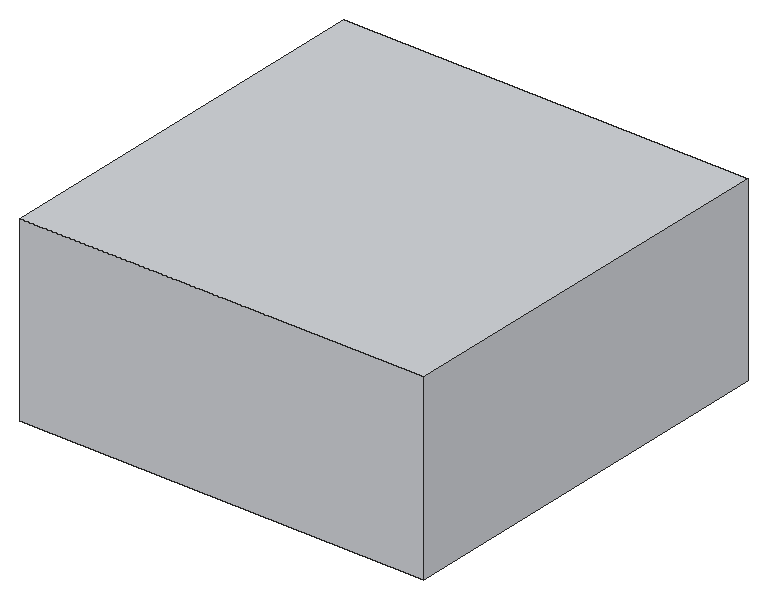
Revit family "M_電線管端子箱 - 置換 - アルミニウム", category Electrical Equipment, Revit 2023
Family settings
  Panel Configuration = Two Columns, Circuits Across
  Round Connector Dimension = Use Radius
  Part Type = Panelboard
  OmniClass Number = 23.80.30.17.11
  OmniClass Title = Conduits
  Work Plane-Based = No
  Always vertical = Yes
  Cut with Voids When Loaded = No
  Maintain Annotation Orientation = No
  Shared = No
  Room Calculation Point = No
Parameters (values of type "標準 2")
  Default Elevation = 0 mm
  幅オフセット [instance] = 5000 mm
  幅 [instance] = 長さ  # 116 mm
  呼び半径 2 [instance] = 8 mm
  呼び半径 1 [instance] = 10.5 mm
  呼び径 2 [instance] = 呼び半径 2 * 2  # 16 mm
  呼び径 1 [instance] = 呼び半径 1 * 2  # 21 mm
  最大呼び径 12 [instance] = if(呼び径 1 > 呼び径 2, 呼び径 1, 呼び径 2)  # 21 mm
  長さ 1 [instance] = 5000 mm  # constant formula
  高さオフセット [instance] = 5000 mm
  高さ [instance] = if(not(最大呼び径 12 > 27 mm), 52 mm, if(最大呼び径 12 < 155 mm, 152 mm, 最大呼び径 12 * 1.2))  # 52 mm
  長さ [instance] = if(not(最大呼び径 12 > 27 mm), 116 mm, 6 * 最大呼び径 12)  # 116 mm
  幅／2 ラベル [instance] = if(abs(長さ 1 - 幅オフセット) + 呼び半径 2 > 幅 / 2, abs(長さ 1 - 幅オフセット) + 呼び半径 2 + 25.4 mm, 幅 / 2)  # 58 mm
  高さ／2 ラベル [instance] = if(abs(長さ 1 - 高さオフセット) + 呼び半径 2 > 高さ / 2, abs(長さ 1 - 高さオフセット) + 呼び半径 2 + 25.4 mm, 高さ / 2)  # 26 mm
Reference planes
  plane 1 "中心(正面/背面)": y = 0
  plane 2: z = 0
  plane 3 "中心(左/右)": x = 0
  plane 4: y = -5000
  plane 5: z = -5000
  plane 6: y = 0
  plane 7: z = 0
  plane 8: x = 116
  plane 9: y = 58
  plane 10: y = -381
  plane 11: y = -58
  plane 12: z = 26
  plane 13: z = -26
Forms (mm)
  Blend 1, solid, not visible
    base sketch origin (0, 0, 0) x (0, 1, 0) y (0, 0, 1)
      loop
        circle (0, 0) r 10.5
    top sketch origin (0, 0, 0) x (0, 1, 0) y (0, 0, 1)
      loop
        circle (0, 0) r 8
    from 0 to 116
  Extrusion 2, solid
    sketch origin (0, 0, 0) x (1, 0, 0) y (0, 1, 0)
      loop
        line (0, 58) -> (0, -58) -> (116, -58) -> (116, 58) -> (0, 58)
    from -26 to 26
Dimensions and locks
  "長さ 1": plane 1 "中心(正面/背面)" to plane 4
  "長さ 1": plane 2 to plane 5
  "幅オフセット": plane 6 to plane 4
  "高さオフセット": plane 7 to plane 5
  "長さ": plane 3 "中心(左/右)" to plane 8
  "幅／2 ラベル": plane 1 "中心(正面/背面)" to plane 9
  "幅／2 ラベル": plane 11 to plane 1 "中心(正面/背面)"
  "高さ／2 ラベル": plane 12 to plane 2
  "高さ／2 ラベル": plane 2 to plane 13
  "呼び半径 1": radius of Blend 1 sketch curve
  "呼び半径 2": radius of Blend 1 sketch curve
  aligned and locked: plane 2 to Blend 1 sketch curve
  aligned and locked: plane 1 "中心(正面/背面)" to Blend 1 sketch curve
  aligned and locked: plane 7 to Blend 1 sketch curve
  aligned and locked: plane 6 to Blend 1 sketch curve
  aligned and locked: Blend 1 to plane 3 "中心(左/右)"
  aligned and locked: plane 8 to Blend 1
  aligned and locked: Extrusion 2 sketch curve to plane 9
  aligned and locked: plane 3 "中心(左/右)" to Extrusion 2 sketch curve
  aligned and locked: Extrusion 2 sketch curve to plane 11
  aligned and locked: Extrusion 2 sketch curve to plane 8
  aligned and locked: plane 12 to Extrusion 2
  aligned and locked: plane 13 to Extrusion 2
Connectors
  cabletrayconduit at (0, 0, 0), diameter 21, driven by "呼び半径 1"
    settings: on Blend 1, index 1, connector width 304.8 mm, connector height 304.8 mm, connector angle 0.00°, system type 32, placement type 0, profile type 0, connector reference index 2, is primary connector yes, connector utility param no, connector description ""
  cabletrayconduit at (116, 0, 0), diameter 16, driven by "呼び半径 2"
    settings: on Blend 1, index 2, connector width 304.8 mm, connector height 304.8 mm, connector angle 0.00°, system type 32, placement type 0, profile type 0, connector reference index 1, is primary connector no, connector utility param no, connector description ""
